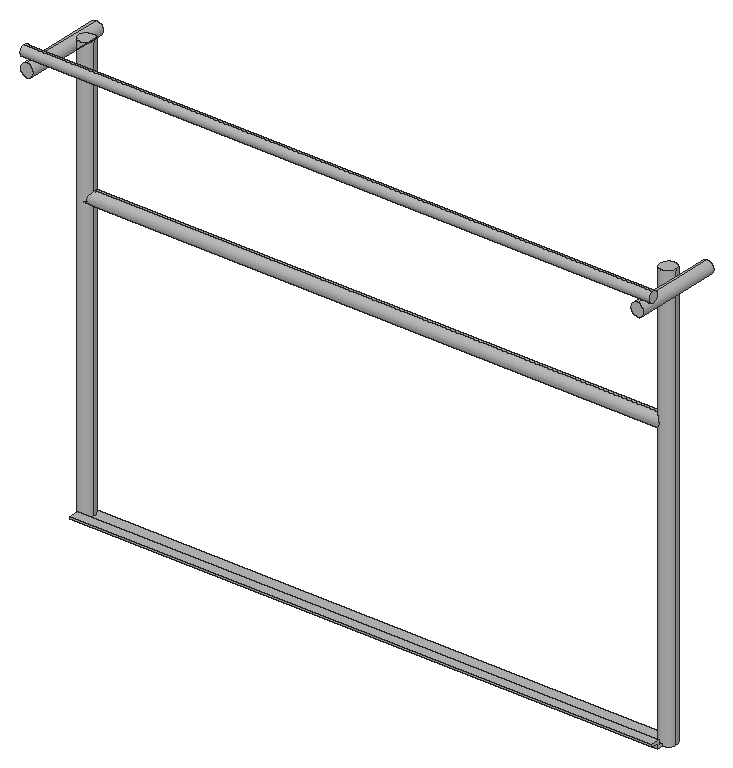
Revit family "WashbasinUnit-Vitra-EqualSeries-64081", category Furniture Systems, host Face, Revit 2017
Family settings
  Host = Face
  Round Connector Dimension = Use Diameter
  Part Type = Normal
  OmniClass Number = 23.40.00.00
  OmniClass Title = Equipment and Furnishings
  Cut with Voids When Loaded = No
  Shared = Yes
  Room Calculation Point = No
Parameters (values of type "WashbasinUnit-Vitra-EqualSeries_64081")
  Youtube = "https://www.youtube.com/user/VitrAglobal"
  Width = 638 mm
  Weight Net (kg) = "24,000"
  Warranty Period (Year) = "2"
  Uniformat II Description = "FURNISHINGS"
  Uniformat II Code = "E20"
  Uniclass 2015 Name = "Wash basins, sinks and troughs"
  Uniclass 2015 Code = "Pr_40_20_93"
  Uniclass 2.0 Description = "Bathroom Cabinets"
  Uniclass 1.4 Description = "Bathroom Cabinets"
  Uniclass 2.0 Code = "PR-35-75-08"
  Uniclass 1.4 Code = "L8241"
  URL = "https://vitraglobal.com/"
  UNSPSC Description = "Bathroom Cabinets"
  UNSPSC Code = "301815"
  Thrid Material = Vitra-AmericanValnut
  Technical description = ""
  Tap hole Options (default) = ""
  Specification = ""
  Secondary Material = Vitra-Crome
  Region South America = "All"
  Region Oceania = "All"
  Region North America = "All"
  Region Middle East = "All"
  Region Europe = "All"
  Region Asia = "All"
  Region Antarctica = "All"
  Region Africa = "All"
  Product group = "Washbasin Unit"
  Product family = "Equal"
  Product data url = "https://www.vitraglobal.com/bathroom-furniture/washbasin-unit/free/equal-washbasin-unit-60-cm-with-towel-holder-sku-64081"
  Product certification = "https://vitraglobal.com/catalogues/quality-certificates"
  Product SKU = "64081"
  Product Guid = ""
  Primary Material = Vitra-Crome
  OmniClass Description = "Bathroom Cabinets"
  OmniClass Code = "23-31 25 13"
  Nominal width = "0.000"
  Nominal height = "0.000"
  NBS Referans Description = "Bathroom Cabinets"
  NBS Referans Code = "35-75-08"
  Model = "64081"
  Masterformat 2014 Description = "Bathroom Unit Modules"
  Masterformat 2014 Code = "13 42 13"
  Manufacturer name = "Vitra"
  Manufacturer = "Vitra"
  Installation instructions = ""
  IFC Classification = "Furniture"
  Height = 88 mm
  Design country = "Turkey"
  Description = "Equal Washbasin Unit, 60 cm, with Towel Holder"
  Depth = 440 mm
  Default Elevation = 580 mm
  Construction Type = "Face Mounted"
  Color = ""
  COBIe Type Category = ""
  BIMobject category = "Bathroom compound units"
  Article No. (default) = "64081"
  Accessories (default) = ""
Reference planes
  plane 1 "Center (Front/Back)": y = 0
  plane 2: z = -0.016
  plane 3 "Center (Left/Right)": x = 75.075
  plane 4: y = 52.868
  plane 5: y = -35.132
  plane 6: z = 439.984
  plane 7: x = 394.075
  plane 8: x = -243.925
  plane 9: x = -219.925
  plane 10: x = 370.075
  plane 11: x = -218.392
  plane 12: x = 370.672
Forms (mm)
  Extrusion 1, solid, material "Vitra-Crome" <- "Primary Material"
    sketch origin (224.075, -31.18, 434.187) x (0, 0, -1) y (0, 1, 0)
      loop
        circle (0, 4.048) r 5
    from 170 to -468
  Extrusion 2, solid, material "Vitra-Crome" <- "Primary Material"
    sketch origin (200.075, 28.368, 1.187) x (0, -1, 0) y (0, 0, -1)
      loop
        line (18, -5.5) -> (28, -5.5) -> (28, -3.5) -> (20, -3.5) -> (20, 1) -> (0, 1) -> (0, -1) -> (18, -1) -> (18, -5.5)
    from 170 to -420
  Extrusion 3, solid, material "Vitra-Crome" <- "Primary Material"
    sketch origin (157.137, 35.464, 366.187) x (0, 0, 1) y (0, 1, 0)
      loop
        circle (-76, -13.597) r 6.5
    from -213.534 to 375.529
  Extrusion 4, solid, material "Vitra-Crome" <- "Primary Material"
    sketch origin (209.009, 52.868, 422.687) x (1, 0, 0) y (0, 0, -1)
      loop
        circle (-443.434, 0) r 6.5
    from 0 to -88
  Extrusion 5, solid, material "Vitra-Crome" <- "Primary Material"
    sketch origin (209.009, 52.868, 422.687) x (1, 0, 0) y (0, 0, -1)
      loop
        circle (175.566, 0) r 6.5
    from 0 to -88
  Extrusion 6, solid, material "Vitra-Crome" <- "Primary Material"
    sketch origin (200.075, 14.784, 432.187) x (-1, 0, 0) y (0, -1, 0)
      loop
        circle (420, -7.084) r 8
    from 0 to -432
  Extrusion 7, solid, material "Vitra-Crome" <- "Primary Material"
    sketch origin (790.047, 14.784, 432.187) x (-1, 0, 0) y (0, -1, 0)
      loop
        circle (420, -7.084) r 8
    from 0 to -432
Dimensions and locks
  "Height": plane 4 to plane 5
  "Depth": plane 6 to host face
  "Width": plane 8 to plane 7
  equal spacing: plane 8, plane 3 "Center (Left/Right)", plane 7
  locked: plane 8 to plane 9 at 24
  locked: plane 10 to plane 7 at 24
  locked: plane 12 to plane 7 at 23.403
  locked: plane 8 to plane 11 at 25.534
  aligned and locked: plane 2 to host face
  aligned and locked: level to host face
  aligned and locked: plane 7 to Extrusion 1
  aligned and locked: plane 8 to Extrusion 1
  aligned and locked: plane 9 to Extrusion 2
  aligned and locked: plane 10 to Extrusion 2
  aligned and locked: plane 11 to Extrusion 3
  aligned and locked: plane 12 to Extrusion 3
Automatic sketch dimensions
  host sketch curve to host sketch curve = 2438.4 mm  (x2)
  Extrusion 1 sketch curve to Extrusion 1 sketch curve = 0 mm  (x2)
  plane 6 to Extrusion 1 sketch curve = 5.797 mm
  plane 5 to Extrusion 1 sketch curve = 8 mm
  plane 6 to Extrusion 1 sketch curve = 0.797 mm
  level to Extrusion 2 sketch curve = 2.187 mm
  Extrusion 2 sketch curve to plane 4 = 24.5 mm
  Extrusion 2 sketch curve to plane 1 "Center (Front/Back)" = 10.368 mm
  Extrusion 2 sketch curve to Extrusion 2 sketch curve = 2 mm  (x2)
  Extrusion 2 sketch curve to plane 1 "Center (Front/Back)" = 0.368 mm
  Extrusion 2 sketch curve to Extrusion 2 sketch curve = 2.5 mm
  level to Extrusion 2 sketch curve = 0.187 mm
  Extrusion 3 sketch curve to Extrusion 3 sketch curve = 0 mm  (x2)
  Extrusion 3 sketch curve to plane 1 "Center (Front/Back)" = 21.868 mm
  plane 6 to Extrusion 3 sketch curve = 149.797 mm
  Extrusion 3 sketch curve to Extrusion 3 sketch curve = 6.5 mm
  Extrusion 4 sketch curve to Extrusion 4 sketch curve = 0 mm  (x2)
  Extrusion 4 sketch curve to plane 8 = 9.5 mm
  plane 6 to Extrusion 4 sketch curve = 17.297 mm
  Extrusion 4 sketch curve to Extrusion 4 sketch curve = 6.5 mm
  Extrusion 5 sketch curve to Extrusion 5 sketch curve = 0 mm  (x2)
  plane 7 to Extrusion 5 sketch curve = 9.5 mm
  plane 6 to Extrusion 5 sketch curve = 17.297 mm
  Extrusion 5 sketch curve to Extrusion 5 sketch curve = 6.5 mm
  Extrusion 7 sketch curve to Extrusion 7 sketch curve = 0 mm  (x2)
  Extrusion 7 sketch curve to Extrusion 7 sketch curve = 8 mm
  Extrusion 6 sketch curve to Extrusion 6 sketch curve = 0 mm  (x2)
  plane 9 to Extrusion 6 sketch curve = 0 mm
  Extrusion 6 sketch curve to plane 1 "Center (Front/Back)" = 21.868 mm
  Extrusion 6 sketch curve to plane 11 = 6.466 mm
